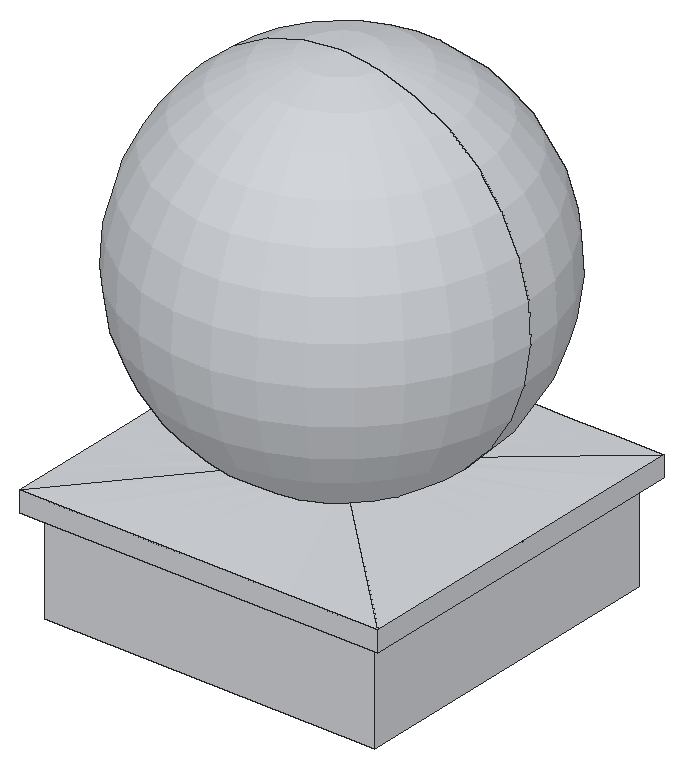
Revit family
Parameters (values of type "SBSP-033.5")
  Width = 2' - 8"
  URL = "www.strombergarchitectural.com"
  Top Material = GFRC
  Submittal Sheet = "www.strombergarchitectural.com/images/materials/gfrc/submittal/gfrc-submittal-sheet.pdf"
  Specifications = "www.strombergarchitectural.com/gfrcspecifications"
  Model Cut-sheet = "www.strombergarchitectural.com/products/bollards/design/SBSP-033"
  Model = "SBSP-033"
  Manufacturer = "Stromberg Architectural Products"
  Guidebook = "www.strombergarchitectural.com/images/materials/gfrc/handbooks/gfrc_guidebook.pdf"
  Frame Material = none
  Description = "GFRC Bollard"
  Assembly Code = ""
  Height = 4' - 0"
  XXX.5 = yes
  XXX.4 = no
  XXX.3 = no
  XXX.2 = no
  XXX.1 = no
Types (6): name | Width | Guidebook | Height | XXX.5 | XXX.4 | XXX.3 | XXX.2 | XXX.1
  (no name) | 2' - 8" | "www.strombergarchitectural.com/images/materials/gfrc/handbooks/gfrc_guidebook.pdf" | 4' - 0" | yes | no | no | no | no
  SBSP-033.3 | 2' - 0" | "www.strombergarchitectural.com/images/materials/gfrc/handbooks/gfrc_guidebook.pdf" | 3' - 0" | no | no | yes | no | no
  SBSP-033.1 | 1' - 4" | "www.strombergarchitectural.com/images/materials/gfrc/handbooks/gfrc_guidebook.pdf   \r\n(http://www.strombergarchitectural.com/images/materials/gfrc/handbooks/gfrc_guidebook.pdf" | 2' - 0" | no | no | no | no | yes
  SBSP-033.2 | 1' - 8" | "www.strombergarchitectural.com/images/materials/gfrc/handbooks/gfrc_guidebook.pdf" | 2' - 6" | no | no | no | yes | no
  SBSP-033.4 | 2' - 4" | "www.strombergarchitectural.com/images/materials/gfrc/handbooks/gfrc_guidebook.pdf" | 3' - 6" | no | yes | no | no | no
  SBSP-033.5 | 2' - 8" | "www.strombergarchitectural.com/images/materials/gfrc/handbooks/gfrc_guidebook.pdf" | 4' - 0" | yes | no | no | no | no
Reference planes (in)
  plane 1 "Center (Front/Back)": y = 3.74847
  plane 2: z = 0
  plane 3 "Center (Left/Right)": x = 0.7278
  plane 4 "Left": x = -19.93887
  plane 5 "Right": x = 20.7278
  plane 6: z = 9.33333
  plane 7: z = 11.33333
  plane 8: z = 12.23083
  plane 9: x = -4.93812
  plane 10: x = 6.39372
  plane 11: x = -15.2722
  plane 12: x = -16.60553
  plane 13: x = 16.7278
  plane 14: x = 18.06113
  plane 15: y = 21.0818
  plane 16: y = 19.74847
  plane 17: y = 9.41438
  plane 18: y = -13.58487
  plane 19: y = -12.25153
  plane 20: y = -1.91745
Forms (in)
  Extrusion 1, solid, visible <- "XXX.1"
    sketch origin (0, 0, 0) x (1, 0, 0) y (0, 1, 0)
      loop
        line (-7.2722, 11.74847) -> (-7.2722, -4.25153) -> (8.7278, -4.25153) -> (8.7278, 11.74847) -> (-7.2722, 11.74847)
    from 0 to 4.66667
  Extrusion 2, solid, visible <- "XXX.1"
    sketch origin (9.39447, -48, 4.66667) x (0, -1, 0) y (-1, 0, 0)
      loop
        line (-60.40472, 17.33333) -> (-60.40472, 0) -> (-43.09222, 0) -> (-43.09222, 17.33333) -> (-60.40472, 17.33333)
    from -1 to 0
  Blend 3, solid, visible <- "XXX.1"
    base sketch origin (9.39447, -48, 5.66667) x (0, -1, 0) y (1, 0, 0)
      loop
        line (-60.40472, -17.33333) -> (-43.09222, -17.33333) -> (-43.09222, 0) -> (-60.40472, 0) -> (-60.40472, -17.33333)
    top sketch origin (9.39447, -48, 5.66667) x (0, -1, 0) y (1, 0, 0)
      loop
        arc (-53.86979, -6.54535) -> (-54.74847, -8.66667) -> (-53.86979, -10.78799) r 3
        arc (-53.86979, -10.78799) -> (-51.74847, -11.66667) -> (-49.62715, -10.78799) r 3
        arc (-49.62715, -10.78799) -> (-48.74847, -8.66667) -> (-49.62715, -6.54535) r 3
        arc (-49.62715, -6.54535) -> (-51.74847, -5.66667) -> (-53.86979, -6.54535) r 3
    from 0 to 0.44875
  Revolve 4, solid, visible <- "XXX.1"
    sketch origin (0, 3.74847, 0) x (1, 0, 0) y (0, 0, 1)
      loop
        arc (0.7278, 24) -> (-8.32598, 16.26747) -> (-2.10516, 6.11541) r 9.16667
        line (-2.10516, 6.11541) -> (0.7278, 6.11541) -> (0.7278, 24)
      axis (0.7278, 24) -> (0.7278, 6.11541)
    angle from 0 to 360
  Extrusion 5, solid, visible <- "XXX.1", not visible
    sketch origin (-79.48762, 0, 0) x (1, 0, 0) y (0, 1, 0)
      loop
        line (-7.2722, 11.74847) -> (-7.2722, -4.25153) -> (8.7278, -4.25153) -> (8.7278, 11.74847) -> (-7.2722, 11.74847)
    from 0 to 4.66667
  Extrusion 6, solid, visible <- "XXX.1", not visible
    sketch origin (-70.09315, -48, 4.66667) x (0, -1, 0) y (-1, 0, 0)
      loop
        line (-60.40472, 17.33333) -> (-60.40472, 0) -> (-43.09222, 0) -> (-43.09222, 17.33333) -> (-60.40472, 17.33333)
    from -1 to 0
  Blend 7, solid, visible <- "XXX.1", not visible
    base sketch origin (-70.09315, -48, 5.66667) x (0, -1, 0) y (1, 0, 0)
      loop
        line (-60.40472, -17.33333) -> (-43.09222, -17.33333) -> (-43.09222, 0) -> (-60.40472, 0) -> (-60.40472, -17.33333)
    top sketch origin (-70.09315, -48, 5.66667) x (0, -1, 0) y (1, 0, 0)
      loop
        arc (-53.86979, -6.54535) -> (-54.74847, -8.66667) -> (-53.86979, -10.78799) r 3
        arc (-53.86979, -10.78799) -> (-51.74847, -11.66667) -> (-49.62715, -10.78799) r 3
        arc (-49.62715, -10.78799) -> (-48.74847, -8.66667) -> (-49.62715, -6.54535) r 3
        arc (-49.62715, -6.54535) -> (-51.74847, -5.66667) -> (-53.86979, -6.54535) r 3
    from 0 to 0.44875
  Revolve 8, solid, visible <- "XXX.1", not visible
    sketch origin (-79.48762, 3.74847, 0) x (1, 0, 0) y (0, 0, 1)
      loop
        arc (0.7278, 24) -> (-8.32598, 16.26747) -> (-2.10516, 6.11541) r 9.16667
        line (-2.10516, 6.11541) -> (0.7278, 6.11541) -> (0.7278, 24)
      axis (0.7278, 24) -> (0.7278, 6.11541)
    angle from 0 to 360
  Extrusion 9, solid, visible <- "XXX.2"
    sketch origin (0, 0, 0) x (1, 0, 0) y (0, 1, 0)
      loop
        line (-9.2722, -6.25153) -> (10.7278, -6.25153) -> (10.7278, 13.74847) -> (-9.2722, 13.74847) -> (-9.2722, -6.25153)
    from 0 to 5.83333
  Extrusion 10, solid, visible <- "XXX.2"
    sketch origin (11.56113, -48, 5.83333) x (0, -1, 0) y (-1, 0, 0)
      loop
        line (-62.5818, 21.66667) -> (-62.5818, 0) -> (-40.91513, 0) -> (-40.91513, 21.66667) -> (-62.5818, 21.66667)
    from -1.25 to 0
  Blend 11, solid, visible <- "XXX.2"
    base sketch origin (11.56113, -48, 7.08333) x (0, -1, 0) y (1, 0, 0)
      loop
        line (-61.74847, -20.83333) -> (-41.74847, -20.83333) -> (-41.74847, -0.83333) -> (-61.74847, -0.83333) -> (-61.74847, -20.83333)
    top sketch origin (11.56113, -48, 7.08333) x (0, -1, 0) y (1, 0, 0)
      loop
        arc (-54.25247, -13.33734) -> (-51.74847, -14.37453) -> (-49.24446, -13.33734) r 3.5412
        arc (-49.24446, -13.33734) -> (-48.20727, -10.83333) -> (-49.24446, -8.32933) r 3.5412
        arc (-49.24446, -8.32933) -> (-51.74847, -7.29214) -> (-54.25247, -8.32933) r 3.5412
        arc (-54.25247, -8.32933) -> (-55.28967, -10.83333) -> (-54.25247, -13.33734) r 3.5412
    from 0 to 0.56093
  Revolve 12, solid, visible <- "XXX.2"
    sketch origin (0, 3.74847, 0) x (1, 0, 0) y (0, 0, 1)
      loop
        arc (0.7278, 30) -> (-10.58943, 20.33434) -> (-2.8134, 7.64427) r 11.45833
        line (-2.8134, 7.64427) -> (0.7278, 7.64427) -> (0.7278, 30)
      axis (0.7278, 30) -> (0.7278, 7.64427)
    angle from 0 to 360
  Extrusion 13, solid, visible <- "XXX.3"
    sketch origin (0, 0, 0) x (1, 0, 0) y (0, 1, 0)
      loop
        line (-11.2722, 15.74847) -> (-11.2722, -8.25153) -> (12.7278, -8.25153) -> (12.7278, 15.74847) -> (-11.2722, 15.74847)
    from 0 to 7
  Extrusion 14, solid, visible <- "XXX.3"
    sketch origin (0, 0, 0) x (1, 0, 0) y (0, 1, 0)
      loop
        line (-12.2722, 16.74847) -> (-12.2722, -9.25153) -> (13.7278, -9.25153) -> (13.7278, 16.74847) -> (-12.2722, 16.74847)
    from 7 to 8.5
  Blend 15, solid, visible <- "XXX.3"
    base sketch origin (13.7278, -48, 8.5) x (0, -1, 0) y (1, 0, 0)
      loop
        line (-64.74847, -26) -> (-38.74847, -26) -> (-38.74847, 0) -> (-64.74847, 0) -> (-64.74847, -26)
    top sketch origin (13.7278, -48, 8.5) x (0, -1, 0) y (1, 0, 0)
      loop
        arc (-54.75327, -16.00481) -> (-51.74847, -17.24944) -> (-48.74366, -16.00481) r 4.24944
        arc (-48.74366, -16.00481) -> (-47.49903, -13) -> (-48.74366, -9.99519) r 4.24944
        arc (-48.74366, -9.99519) -> (-51.74847, -8.75056) -> (-54.75327, -9.99519) r 4.24944
        arc (-54.75327, -9.99519) -> (-55.9979, -13) -> (-54.75327, -16.00481) r 4.24944
    from 0 to 0.67312
  Revolve 16, solid, visible <- "XXX.3"
    sketch origin (0, 3.74847, 0) x (1, 0, 0) y (0, 0, 1)
      loop
        arc (0.7278, 36) -> (-12.85288, 24.40121) -> (-3.52164, 9.17312) r 13.75
        line (-3.52164, 9.17312) -> (0.7278, 9.17312) -> (0.7278, 36)
      axis (0.7278, 36) -> (0.7278, 9.17312)
    angle from 0 to 360
  Extrusion 17, solid, visible <- "XXX.4"
    sketch origin (0, 0, 0) x (1, 0, 0) y (0, 1, 0)
      loop
        line (-13.2722, 17.74847) -> (-13.2722, -10.25153) -> (14.7278, -10.25153) -> (14.7278, 17.74847) -> (-13.2722, 17.74847)
    from 0 to 8.16667
  Extrusion 18, solid, visible <- "XXX.4"
    sketch origin (0, 0, 0) x (1, 0, 0) y (0, 1, 0)
      loop
        line (-14.43887, 18.91513) -> (-14.43887, -11.4182) -> (15.89447, -11.4182) -> (15.89447, 18.91513) -> (-14.43887, 18.91513)
    from 8.16667 to 9.91667
  Blend 19, solid, visible <- "XXX.4"
    base sketch origin (15.89447, -48, 9.91667) x (0, -1, 0) y (1, 0, 0)
      loop
        line (-66.91513, -30.33333) -> (-36.5818, -30.33333) -> (-36.5818, 0) -> (-66.91513, 0) -> (-66.91513, -30.33333)
    top sketch origin (15.89447, -48, 9.91667) x (0, -1, 0) y (1, 0, 0)
      loop
        arc (-55.25407, -18.67227) -> (-51.74847, -20.12434) -> (-48.24286, -18.67227) r 4.95768
        arc (-48.24286, -18.67227) -> (-46.79079, -15.16667) -> (-48.24286, -11.66106) r 4.95768
        arc (-48.24286, -11.66106) -> (-51.74847, -10.20899) -> (-55.25407, -11.66106) r 4.95768
        arc (-55.25407, -11.66106) -> (-56.70614, -15.16667) -> (-55.25407, -18.67227) r 4.95768
    from 0 to 0.78531
  Revolve 20, solid, visible <- "XXX.4"
    sketch origin (0, 3.74847, 0) x (1, 0, 0) y (0, 0, 1)
      loop
        arc (0.7278, 42) -> (-15.11632, 28.46808) -> (-4.22988, 10.70197) r 16.04167
        line (-4.22988, 10.70197) -> (0.7278, 10.70197) -> (0.7278, 42)
      axis (0.7278, 42) -> (0.7278, 10.70197)
    angle from 0 to 360
  Extrusion 21, solid, visible <- "XXX.5"
    sketch origin (0, 0, 0) x (1, 0, 0) y (0, 1, 0)
      loop
        line (-15.2722, 19.74847) -> (-15.2722, -12.25153) -> (16.7278, -12.25153) -> (16.7278, 19.74847) -> (-15.2722, 19.74847)
    from 0 to 9.33333
  Extrusion 22, solid, visible <- "XXX.5"
    sketch origin (0, 0, 0) x (1, 0, 0) y (0, 1, 0)
      loop
        line (-16.60553, 21.0818) -> (-16.60553, -13.58487) -> (18.06113, -13.58487) -> (18.06113, 21.0818) -> (-16.60553, 21.0818)
    from 9.33333 to 11.33333
  Blend 23, solid, visible <- "XXX.5"
    base sketch origin (18.06113, -48, 11.33333) x (0, -1, 0) y (1, 0, 0)
      loop
        line (-69.0818, -34.66667) -> (-34.41513, -34.66667) -> (-34.41513, 0) -> (-69.0818, 0) -> (-69.0818, -34.66667)
    top sketch origin (18.06113, -48, 11.33333) x (0, -1, 0) y (1, 0, 0)
      loop
        arc (-55.75488, -21.33974) -> (-51.74847, -22.99925) -> (-47.74206, -21.33974) r 5.66592
        arc (-47.74206, -21.33974) -> (-46.08255, -17.33333) -> (-47.74206, -13.32693) r 5.66592
        arc (-47.74206, -13.32693) -> (-51.74847, -11.66742) -> (-55.75488, -13.32693) r 5.66592
        arc (-55.75488, -13.32693) -> (-57.41438, -17.33333) -> (-55.75488, -21.33974) r 5.66592
    from 0 to 0.89749
  Revolve 24, solid, visible <- "XXX.5"
    sketch origin (0, 3.74847, 0) x (1, 0, 0) y (0, 0, 1)
      loop
        arc (0.7278, 48) -> (-17.37977, 32.53495) -> (-4.93812, 12.23083) r 18.33333
        line (-4.93812, 12.23083) -> (0.7278, 12.23083) -> (0.7278, 48)
      axis (0.7278, 48) -> (0.7278, 12.23083)
    angle from 0 to 360
Cuts and joins
  joined: Extrusion 1, Extrusion 2, Blend 3, Revolve 4
  joined: Extrusion 9, Extrusion 10, Blend 11, Revolve 12
  joined: Extrusion 13, Extrusion 14, Blend 15, Revolve 16
  joined: Extrusion 17, Extrusion 18, Blend 19, Revolve 20
  joined: Extrusion 21, Extrusion 22, Blend 23, Revolve 24
Dimensions and locks (in)
  aligned and locked: level to plane 2
